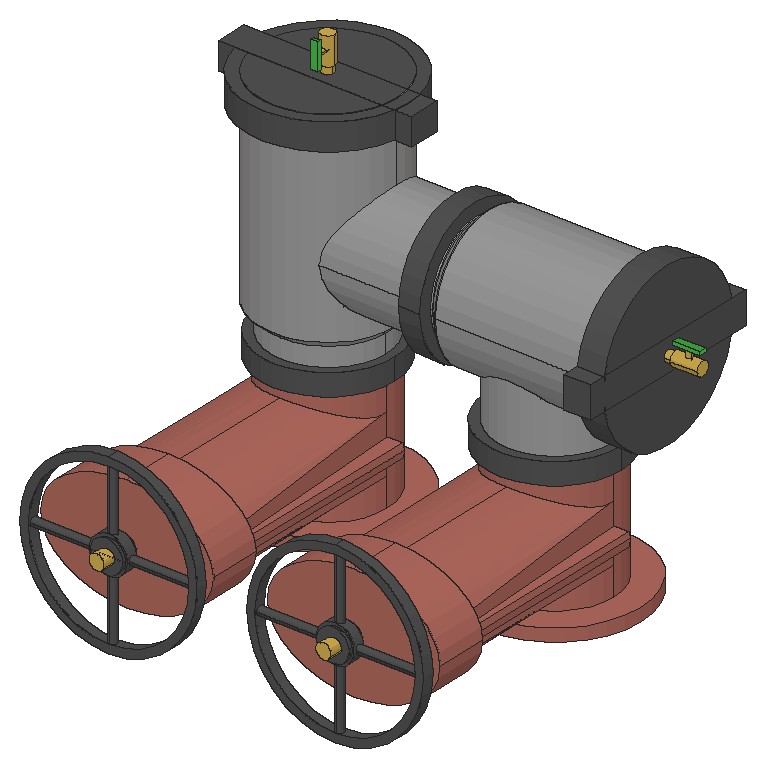
Revit family "Backflow_Preventer-DC-Zurn_Wilkins_Model_450ST_Flanged-(4-10inch)", category Pipe Accessories, Revit 2022 (continued)
Definition of nested family "Symbolic diagram 450ST(4-10)"
  Reference planes (in)
    plane 45: z = -2.75
    plane 46: z = -3.75
    plane 47: y = -3.25
    plane 48: y = -2.75
    plane 49: y = -3.75
    plane 50: x = -13.5
    plane 51: x = 13.5
  Lines and regions (in)
    symbolic lines, detail levels coarse+medium
      curve 1: line (-0.75, 0, 1.875) -> (-0.75, 0, -1.875)
      curve 2: line (-0.75, 0, -1.875) -> (-6.75, 0, 1.875)
      curve 3: line (-6.75, 0, 1.875) -> (-6.75, 0, -1.875)
      curve 4: line (-6.75, 0, 0) -> (-7.75, 0, 0)
      curve 5: line (-7.75, 0, -1.875) -> (-7.75, 0, 1.875)
      curve 6: line (-7.75, 0, 1.875) -> (-13.25, 0, -1.875)
      curve 7: line (-13.25, 0, -1.875) -> (-13.25, 0, 1.875)
      curve 8: line (-13.25, 0, 1.875) -> (-7.75, 0, -1.875)
      curve 9: line (-0.75, 0, 0) -> (0.75, 0, 0)
      curve 10: line (0.75, 0, -1.875) -> (0.75, 0, 1.875)
      curve 11: line (0.75, 0, 1.875) -> (6.75, 0, -1.875)
      curve 12: line (6.75, 0, -1.875) -> (6.75, 0, 1.875)
      curve 13: line (6.75, 0, 0) -> (7.75, 0, 0)
      curve 14: line (7.75, 0, -1.875) -> (7.75, 0, 1.875)
      curve 15: line (7.75, 0, 1.875) -> (13.25, 0, -1.875)
      curve 16: line (13.25, 0, -1.875) -> (13.25, 0, 1.875)
      curve 17: line (13.25, 0, 1.875) -> (7.75, 0, -1.875)
      curve 18: line (-3.75, 0, 0) -> (-3.75, 0, 3)
      curve 19: line (-4.57135, 0, 1.30857) -> (-2.87525, 0, 0.24874)
      curve 20: line (-4.57135, 0, 2.05857) -> (-2.87525, 0, 0.99874)
      curve 21: line (-4.57135, 0, 2.80857) -> (-2.87525, 0, 1.74874)
      curve 22: line (3.75, 0, 0) -> (3.75, 0, 3)
      curve 23: line (2.92865, 0, 1.30857) -> (4.62475, 0, 0.24874)
      curve 24: line (2.92865, 0, 2.05857) -> (4.62475, 0, 0.99874)
      curve 25: line (2.92865, 0, 2.80857) -> (4.62475, 0, 1.74874)
      curve 26: line (13.5, 0, 0) -> (21.84375, 0, 0)
      curve 27: line (-21.84375, 0, 0) -> (-13.5, 0, 0)
      curve 55: line (0, 0, 1.875) -> (0, 0, -1.875)
      curve 56: line (0, -1.875, 0) -> (0, 1.875, 0)
      curve 57: line (13.5, 0, 1.875) -> (13.5, 0, -1.875)
      curve 58: line (-13.5, 0, 1.875) -> (-13.5, 0, -1.875)
    model lines, detail levels coarse+medium
      curve 28: line (-0.75, 1.875, 0) -> (-0.75, -1.875, 0)
      curve 29: line (-0.75, -1.875, 0) -> (-6.75, 1.875, 0)
      curve 30: line (-6.75, 1.875, 0) -> (-6.75, -1.875, 0)
      curve 31: line (-6.75, 0, 0) -> (-7.75, 0, 0)
      curve 32: line (-7.75, 1.875, 0) -> (-7.75, -1.875, 0)
      curve 33: line (-7.75, -1.875, 0) -> (-13.25, 1.875, 0)
      curve 34: line (-13.25, 1.875, 0) -> (-13.25, -1.875, 0)
      curve 35: line (-13.25, -1.875, 0) -> (-7.75, 1.875, 0)
      curve 36: line (-13.5, 0, 0) -> (-21.84375, 0, 0)
      curve 37: line (0.75, -1.875, 0) -> (0.75, 1.875, 0)
      curve 38: line (0.75, 1.875, 0) -> (6.75, -1.875, 0)
      curve 39: line (6.75, -1.875, 0) -> (6.75, 1.875, 0)
      curve 40: line (6.75, 0, 0) -> (7.75, 0, 0)
      curve 41: line (7.75, 1.875, 0) -> (7.75, -1.875, 0)
      curve 42: line (7.75, -1.875, 0) -> (13.25, 1.875, 0)
      curve 43: line (7.75, 1.875, 0) -> (13.25, -1.875, 0)
      curve 44: line (13.25, -1.875, 0) -> (13.25, 1.875, 0)
      curve 45: line (13.5, 0, 0) -> (21.84375, 0, 0)
      curve 46: line (-0.75, 0, 0) -> (0.75, 0, 0)
      curve 47: line (-3.75, 0, 0) -> (-3.75, 3, 0)
      curve 48: line (3.75, 0, 0) -> (3.75, 3, 0)
      curve 49: line (-4.69543, 1.62104, 0) -> (-2.78744, 0.42854, 0)
      curve 50: line (-4.69543, 2.37104, 0) -> (-2.78744, 1.17854, 0)
      curve 51: line (-4.69543, 3.12104, 0) -> (-2.78744, 1.92854, 0)
      curve 52: line (2.80457, 1.62104, 0) -> (4.71256, 0.42854, 0)
      curve 53: line (2.80457, 2.37104, 0) -> (4.71256, 1.17854, 0)
      curve 54: line (2.80457, 3.12104, 0) -> (4.71256, 1.92854, 0)
      curve 59: line (13.5, 1.875, 0) -> (13.5, -1.875, 0)
      curve 60: line (-13.5, 1.875, 0) -> (-13.5, -1.875, 0)
  Dimensions and locks (in)
    equal spacing: plane 5 "Right side Plane", plane 3 "Center (Left/Right)", plane 4 "Left Side Plane"
    "Length": plane 5 "Right side Plane" to plane 4 "Left Side Plane"
    equal spacing: plane 8 "Top Plane", plane 2, plane 9 "Bottom Plane"
    "Height": plane 8 "Top Plane" to plane 9 "Bottom Plane"
    equal spacing: plane 7 "Front Plane", plane 1 "Center (Front/Back)", plane 6 "Back Plane"
    "Width": plane 7 "Front Plane" to plane 6 "Back Plane"
    equal spacing: plane 10, plane 2, plane 11
    locked: plane 10 to plane 11 at 3.75
    equal spacing: plane 12, plane 3 "Center (Left/Right)", plane 13
    locked: plane 12 to plane 13 at 1.5
    locked: plane 13 to plane 14 at 6
    locked: plane 14 to plane 15 at 1
    locked: plane 15 to plane 16 at 5.5
    locked: plane 17 to plane 18 at 1
    locked: plane 18 to plane 19 at 5.5
    locked: plane 12 to plane 17 at 6
    equal spacing: plane 13, plane 20, plane 14
    equal spacing: plane 15, plane 21, plane 16
    equal spacing: plane 12, plane 22, plane 17
    equal spacing: plane 18, plane 23, plane 19
    locked: plane 24 to level at 8.3125
    locked: plane 25 to plane 2 at 9.75
    equal spacing: plane 27, plane 3 "Center (Left/Right)", plane 26
    "Symbol total length": plane 27 to plane 26
    locked: level to plane 28 at 4
    locked: plane 28 to plane 29 at 3.9375
    equal spacing: plane 28, plane 30, plane 29
    locked: plane 29 to plane 31 at 1
    locked: plane 32 to plane 33 at 3.75
    equal spacing: plane 32, plane 1 "Center (Front/Back)", plane 33
    locked: plane 34 to plane 1 "Center (Front/Back)" at 8.3125
    locked: plane 35 to plane 1 "Center (Front/Back)" at 9.75
    locked: plane 36 to plane 1 "Center (Front/Back)" at 4
    locked: plane 36 to plane 37 at 3.9375
    equal spacing: plane 36, plane 38, plane 37
    locked: plane 39 to plane 1 "Center (Front/Back)" at 3
    locked: plane 37 to plane 40 at 1
    locked: plane 2 to plane 42 at 3.25
    locked: plane 43 to plane 14 at 4
    locked: plane 44 to plane 12 at 4
    plane 45 to plane 42 to plane 46 = 0' - 0 1/2" locked, 0' - 0 1/2" locked
    locked: plane 47 to plane 1 "Center (Front/Back)" at 3.25
    plane 48 to plane 47 to plane 49 = 0' - 0 1/2" locked, 0' - 0 1/2" locked
    locked: plane 16 to plane 50 at 0.25
    locked: plane 19 to plane 51 at 0.25
    aligned and locked: plane 2 to level
    aligned and locked: plane 16 to curve 7
    aligned and locked: plane 15 to curve 5
    aligned and locked: plane 11 to curve 5
    aligned and locked: plane 10 to curve 7
    aligned and locked: plane 11 to curve 7
    aligned and locked: level to curve 4
    aligned and locked: plane 15 to curve 4
    aligned and locked: plane 14 to curve 4
    aligned and locked: curve 3 to plane 14
    aligned and locked: curve 1 to plane 13
    aligned and locked: plane 10 to curve 3
    aligned and locked: plane 11 to curve 3
    aligned and locked: plane 10 to curve 1
    aligned and locked: plane 13 to curve 9
    aligned and locked: plane 12 to curve 9
    aligned and locked: plane 10 to curve 10
    aligned and locked: plane 11 to curve 10
    aligned and locked: plane 12 to curve 10
    aligned and locked: curve 12 to plane 17
    aligned and locked: plane 10 to curve 12
    aligned and locked: plane 17 to curve 13
    aligned and locked: plane 18 to curve 13
    aligned and locked: plane 11 to curve 14
    aligned and locked: curve 14 to plane 18
    aligned and locked: curve 16 to plane 19
    aligned and locked: plane 10 to curve 16
    aligned and locked: plane 11 to curve 16
    aligned and locked: plane 20 to curve 18
    aligned and locked: level to curve 18
    aligned and locked: curve 22 to plane 22
    aligned and locked: level to curve 22
    aligned and locked: curve 26 to level
    aligned and locked: plane 27 to curve 26
    aligned and locked: plane 26 to curve 27
    aligned and locked: curve 27 to level
    aligned and locked: curve 44 to plane 19
    aligned and locked: plane 33 to curve 44
    aligned and locked: plane 18 to curve 40
    aligned and locked: plane 17 to curve 40
    aligned and locked: plane 1 "Center (Front/Back)" to curve 40
    aligned and locked: plane 1 "Center (Front/Back)" to curve 45
    aligned and locked: plane 27 to curve 45
    aligned and locked: plane 33 to curve 37
    aligned and locked: plane 12 to curve 37
    aligned and locked: plane 32 to curve 39
    aligned and locked: plane 33 to curve 29
    aligned and locked: plane 32 to curve 28
    aligned and locked: plane 33 to curve 30
    aligned and locked: plane 33 to curve 33
    aligned and locked: plane 32 to curve 35
    aligned and locked: curve 31 to plane 1 "Center (Front/Back)"
    aligned and locked: plane 14 to curve 31
    aligned and locked: plane 15 to curve 31
    aligned and locked: plane 33 to curve 35
    aligned and locked: plane 32 to curve 34
    aligned and locked: curve 36 to plane 1 "Center (Front/Back)"
    aligned and locked: plane 26 to curve 36
    aligned and locked: plane 13 to curve 46
    aligned and locked: plane 12 to curve 46
    aligned and locked: plane 1 "Center (Front/Back)" to curve 46
    aligned and locked: plane 32 to curve 43
    aligned and locked: plane 33 to curve 42
    aligned and locked: plane 33 to curve 38
    aligned and locked: plane 32 to curve 42
    aligned and locked: plane 32 to curve 37
    aligned and locked: plane 32 to curve 29
    aligned and locked: plane 16 to curve 35
    aligned and locked: plane 15 to curve 33
    aligned and locked: plane 13 to curve 29
    aligned and locked: plane 18 to curve 42
    aligned and locked: plane 20 to curve 47
    aligned and locked: plane 39 to curve 47
    aligned and locked: plane 39 to curve 48
    aligned and locked: curve 48 to plane 22
    aligned and locked: plane 1 "Center (Front/Back)" to curve 47
    aligned and locked: plane 1 "Center (Front/Back)" to curve 48
    aligned and locked: plane 2 to plane 41
    aligned and locked: plane 11 to curve 55
    aligned and locked: plane 10 to curve 55
    aligned and locked: plane 33 to curve 56
    aligned and locked: plane 32 to curve 56
    aligned and locked: plane 1 "Center (Front/Back)" to curve 55
    aligned and locked: curve 56 to plane 2
    aligned and locked: plane 51 to curve 26
    aligned and locked: plane 51 to curve 57
    aligned and locked: plane 11 to curve 57
    aligned and locked: plane 10 to curve 57
    aligned and locked: plane 50 to curve 27
    aligned and locked: curve 58 to plane 50
    aligned and locked: plane 11 to curve 58
    aligned and locked: plane 10 to curve 58
    aligned and locked: plane 50 to curve 36
    aligned and locked: plane 51 to curve 45
    aligned and locked: curve 60 to plane 50
    aligned and locked: plane 32 to curve 60
    aligned and locked: plane 33 to curve 60
  Automatic sketch dimensions
    curve 13 to level = 0' - 0"
    curve 21 to plane 20 = 0' - 0.82135"
    curve 19 to plane 20 = 0' - 0.82135"
    plane 10 to curve 20 = 0' - 0 47/256"
    curve 21 to curve 20 = 0' - 0"
    curve 21 to plane 43 = 0' - 0.12525"
    curve 19 to plane 43 = 0' - 0.12525"
    curve 20 to plane 43 = 0' - 0.12525"
    plane 10 to curve 24 = 0' - 0 47/256"
    plane 22 to curve 24 = 0' - 0.82135"
    curve 24 to curve 23 = 0' - 0"
    curve 25 to curve 24 = 0' - 0"
    curve 24 to plane 44 = 0' - 0.12525"
    curve 23 to plane 44 = 0' - 0.12525"
    curve 25 to plane 44 = 0' - 0.12525"
    level to curve 23 = 0' - 0.24874"
    level to curve 19 = 0' - 0.24874"
    curve 19 to curve 20 = 0' - 0 3/4"
    curve 23 to curve 24 = 0' - 0 3/4"
    curve 19 to plane 10 = 0' - 0 145/256"
    curve 23 to plane 10 = 0' - 0 145/256"
    curve 21 to plane 10 = 0' - 0.12626"
    curve 25 to plane 10 = 0' - 0.12626"
    curve 20 to curve 21 = 0' - 0 3/4"
    curve 24 to curve 25 = 0' - 0 3/4"
    curve 25 to curve 22 = 0' - 0 49/256"
    curve 21 to curve 18 = 0' - 0 49/256"
    curve 59 to plane 33 = 0' - 0"
    curve 59 to plane 32 = 0' - 0"
    curve 50 to plane 20 = 0' - 0.94543"
    plane 39 to curve 51 = 0' - 0.12104"
    curve 51 to curve 50 = 0' - 0"
    curve 49 to plane 32 = 0' - 0.25396"
    curve 49 to curve 50 = 0' - 0"
    curve 50 to plane 43 = 0' - 0.03744"
    curve 51 to plane 43 = 0' - 0.03744"
    curve 49 to plane 43 = 0' - 0.03744"
    plane 22 to curve 53 = 0' - 0.94543"
    plane 39 to curve 54 = 0' - 0.12104"
    curve 54 to curve 53 = 0' - 0"
    curve 52 to plane 32 = 0' - 0.25396"
    curve 52 to curve 53 = 0' - 0"
    curve 54 to plane 44 = 0' - 0.03744"
    curve 52 to plane 44 = 0' - 0.03744"
    curve 53 to plane 44 = 0' - 0.03744"
    curve 52 to plane 1 "Center (Front/Back)" = 0' - 0.42854"
    curve 49 to plane 1 "Center (Front/Back)" = 0' - 0.42854"
    curve 50 to plane 32 = 0' - 0.69646"
    curve 53 to plane 32 = 0' - 0.69646"
    plane 32 to curve 51 = 0' - 0.05354"
    plane 32 to curve 54 = 0' - 0.05354"
    plane 32 to curve 53 = 0' - 0.49604"
    plane 32 to curve 50 = 0' - 0.49604"
    curve 15 to plane 10 = 0' - 0"
    curve 5 to plane 10 = 0' - 0"
    curve 9 to level = 0' - 0"
Types (5): name | Symbolic diagram | Product Weight (lbs) | Product Installation Sheet URL | Nominal Radius | Nominal Diameter | Main Valve | Inlet to relief valve center | Gate valve | DIM E - Valve top to bottom of relief valve | DIM D - Valve center to side coupling end | DIM C - Valve center to gate stem top | DIM B - Overall height of the valve | DIM A - Inlet center to outlet center | Center to top of ball on top | Center to main valve center | Center to bottom coupling
  (no name) | Symbolic diagram 450ST(4-10) : 10" | 720 | "https://files.zurn.com/care-cleaning-install-warranty-sheets/is450st-8.pdf" | 0' - 5" | 0' - 10" | Zurn_Wilkins_Model_450ST-(4_Inch) : 10" | 0' - 10 7/32" | Gate_Valve-Zurn_Wilkins-Model_48_GXF-(4-10_Inch) : 10" | 2' - 8 3/4" | 0' - 8 31/32" | 2' - 2 3/4" | 3' - 2 3/4" | 1' - 9" | 1' - 3 3/4" | 0' - 1 9/16" | 0' - 10"
  4-450ST (4" 450ST) | Symbolic diagram 450ST(4-10) : 4" | 167 | "https://files.zurn.com/care-cleaning-install-warranty-sheets/is450st.pdf" | 0' - 2" | 0' - 4" | Zurn_Wilkins_Model_450ST-(4_Inch) : 4 inch | 0' - 5 31/32" | Gate_Valve-Zurn_Wilkins-Model_48_GXF-(4-10_Inch) : 4" | 1' - 6.3755" | 0' - 4 31/32" | 1' - 2 1/2" | 1' - 10 1/4" | 1' - 2" | 0' - 7 1/4" | 0' - 0" | 0' - 6"
  6-450ST (6" 450ST) | Symbolic diagram 450ST(4-10) : 6" | 288 | "https://files.zurn.com/care-cleaning-install-warranty-sheets/is450st.pdf" | 0' - 3" | 0' - 6" | Zurn_Wilkins_Model_450ST-(4_Inch) : 6" | 0' - 6 31/32" | Gate_Valve-Zurn_Wilkins-Model_48_GXF-(4-10_Inch) : 6" | 1' - 10 3/8" | 0' - 6 5/16" | 1' - 6" | 2' - 3 7/8" | 1' - 4" | 0' - 9 13/16" | 0' - 1 9/16" | 0' - 7 9/16"
  8-450ST (8" 450ST) | Symbolic diagram 450ST(4-10) : 8" | 517 | "https://files.zurn.com/care-cleaning-install-warranty-sheets/is450st-8.pdf" | 0' - 4" | 0' - 8" | Zurn_Wilkins_Model_450ST-(4_Inch) : 8" | 0' - 8 15/32" | Gate_Valve-Zurn_Wilkins-Model_48_GXF-(4-10_Inch) : 8" | 2' - 6 5/8" | 0' - 8 31/32" | 1' - 10" | 2' - 10 7/8" | 1' - 6 1/2" | 1' - 1 3/4" | 0' - 1 9/16" | 0' - 9 5/8"
  10-475ST (10" 475ST) | Symbolic diagram 450ST(4-10) : 10" | 720 | "https://files.zurn.com/care-cleaning-install-warranty-sheets/is450st-8.pdf" | 0' - 5" | 0' - 10" | Zurn_Wilkins_Model_450ST-(4_Inch) : 10" | 0' - 10 7/32" | Gate_Valve-Zurn_Wilkins-Model_48_GXF-(4-10_Inch) : 10" | 2' - 8 3/4" | 0' - 8 31/32" | 2' - 2 3/4" | 3' - 2 3/4" | 1' - 9" | 1' - 3 3/4" | 0' - 1 9/16" | 0' - 10"
